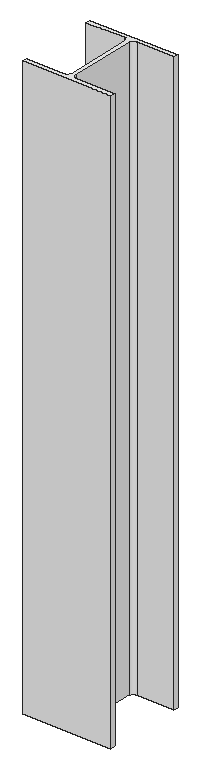
Revit family "M_HP-Pilar de arrimo-Coluna", category Pilares estruturais, Revit 2019
Family settings
  Forma do corte = Não definido
  Material para o comportamento do modelo = Aço
  Exportar sempre como geometria = Não
  Redução da viga na planta = Da caixa de vinculação
  Número OmniClass = 23.25.30.11.14.11
  Título OmniClass = Columns
  ID de item do Seek = HP-Bearing Pile-Column-0000-CAN-ENU
  Corte com vazios quando carregada = Não
  Representação simbólica = Das configurações de projeto
  Compartilhado = Não
  Exibir o pré-corte da família na vista da planta = Sim
Parameters (values of type "HP360X152")
  W = 1.49
  Structural Material [instance] = Aço, 45-345
  Assembly Code = ""
  bf = 376 mm
  d = 356 mm
  k = 35 mm
  kr = k - tf  # 17.1 mm
  tf = 17.9 mm
  tw = 17.9 mm
  A = 0.019 m²
Types (2, lengths in mm): name | W | bf | d | k | kr | tf | tw | A
  HP310X93 | 0.919 | 308 | 303 | 30 | 16.9 | 13.1 | 13.1 | 0.0119 m²
  HP360X152 | 1.49 | 376 | 356 | 35 | 17.1 | 17.9 | 17.9 | 0.019 m²
Reference planes
  plane 1: y = 0
  plane 2: z = 0
  plane 3: x = 0
  plane 4: x = -188
  plane 5: x = 188
  plane 6: y = 178
  plane 7: y = -178
  plane 8: x = -3.969
  plane 9: x = 3.969
Forms (mm)
  Extrusion 1, solid, material "Aço, 45-345" <- "Structural Material", detail levels medium
    sketch origin (0, 0, 0) x (1, 0, 0) y (0, 1, 0)
      loop
        line (-188, 178) -> (-188, 160.1) -> (-8.95, 160.1) -> (-8.95, -160.1) -> (-188, -160.1) -> (-188, -178) -> (188, -178) -> (188, -160.1) -> (8.95, -160.1) -> (8.95, 160.1) -> (188, 160.1) -> (188, 178) -> (-188, 178)
    from 0 to 2500
  Extrusion 2, solid, material "Aço, 45-345" <- "Structural Material", detail levels fine
    sketch origin (0, 0, 0) x (1, 0, 0) y (0, 1, 0)
      loop
        line (-188, 178) -> (-188, 160.1) -> (-26.05, 160.1)
        arc (-26.05, 160.1) -> (-13.958, 155.092) -> (-8.95, 143) r 17.1
        line (-8.95, 143) -> (-8.95, -143)
        arc (-8.95, -143) -> (-13.958, -155.092) -> (-26.05, -160.1) r 17.1
        line (-26.05, -160.1) -> (-188, -160.1) -> (-188, -178) -> (188, -178) -> (188, -160.1) -> (26.05, -160.1)
        arc (26.05, -160.1) -> (13.958, -155.092) -> (8.95, -143) r 17.1
        line (8.95, -143) -> (8.95, 143)
        arc (8.95, 143) -> (13.958, 155.092) -> (26.05, 160.1) r 17.1
        line (26.05, 160.1) -> (188, 160.1) -> (188, 178) -> (-188, 178)
    from 0 to 2500
Lines and regions (mm)
  symbolic lines, style "StructuralColumnStickSymbols", detail levels coarse
    curve 1: line (-188, 178, 0) -> (188, 178, 0)
    curve 2: line (-188, -178, 0) -> (188, -178, 0)
    curve 3: line (0, 178, 0) -> (0, -178, 0)
  symbolic lines, style "Faces ocultas", detail levels medium+fine
    curve 4: line (-3.969, 0, 0) -> (-3.969, 0, 2500)
    curve 5: line (3.969, 0, 2500) -> (3.969, 0, 0)
Dimensions and locks
  equal spacing: plane 4, plane 3, plane 5
  equal spacing: plane 7, plane 1, plane 6
  "d": plane 7 to plane 6
  "bf": plane 4 to plane 5
  "tf": plane 7 to Extrusion 1 sketch curve
  "tf": Extrusion 1 sketch curve to plane 6
  equal spacing: Extrusion 1 sketch curve, plane 3, Extrusion 1 sketch curve
  "tw": Extrusion 1 sketch curve to Extrusion 1 sketch curve
  "kr": radius of Extrusion 2 sketch curve  (x4)
  aligned and locked: plane 6 to Extrusion 1 sketch curve
  aligned and locked: Extrusion 1 sketch curve to plane 7
  aligned and locked: Extrusion 1 sketch curve to plane 4  (x2)
  aligned and locked: plane 5 to Extrusion 1 sketch curve  (x2)
  aligned and locked: Extrusion 1 sketch curve to Extrusion 1 sketch curve  (x2)
  aligned and locked: level to Extrusion 1
  aligned and locked: level to plane 2
  aligned and locked: Extrusion 1 to plane 2
  aligned and locked: plane 6 to Extrusion 2 sketch curve
  aligned and locked: plane 5 to Extrusion 2 sketch curve  (x2)
  aligned and locked: Extrusion 2 sketch curve to plane 4  (x2)
  aligned and locked: Extrusion 2 sketch curve to Extrusion 1  (x6)
  aligned and locked: Extrusion 2 sketch curve to plane 7
  aligned and locked: level to Extrusion 2
  aligned and locked: Extrusion 2 to level
Automatic sketch dimensions
  curve 2 to plane 4 = 0 mm
  curve 1 to plane 4 = 0 mm
  curve 3 to plane 3 = 0 mm
  curve 2 to plane 5 = 0 mm
  curve 1 to plane 5 = 0 mm
  curve 3 to plane 7 = 0 mm
  curve 3 to plane 6 = 0 mm
  curve 4 to level = 0 mm  (x2)
  curve 4 to plane 8 = 0 mm
  curve 5 to level = 0 mm  (x2)
  curve 5 to plane 9 = 0 mm
Types in the file's own list only (9): name | W | bf | d | k | kr | tf | tw | A
  HP360X174 | 1.71 | 378 mm | 361 mm | 38 mm | 18 mm | 20 mm | 20 mm | 0.02 m²
  HP360X132 | 1.3 | 373 mm | 351 mm | 33 mm | 17 mm | 16 mm | 16 mm | 0.02 m²
  HP360X108 | 1.07 | 370 mm | 346 mm | 30 mm | 17 mm | 13 mm | 13 mm | 0.01 m²
  HP310X125 | 1.23 | 312 mm | 312 mm | 35 mm | 18 mm | 17 mm | 17 mm | 0.02 m²
  HP310X110 | 1.08 | 310 mm | 308 mm | 33 mm | 18 mm | 15 mm | 15 mm | 0.01 m²
  HP310X79 | 0.773 | 306 mm | 299 mm | 28 mm | 17 mm | 11 mm | 11 mm | 0.01 m²
  HP250X85 | 0.832 | 260 mm | 254 mm | 32 mm | 18 mm | 14 mm | 14 mm | 0.01 m²
  HP250X62 | 0.613 | 256 mm | 246 mm | 28 mm | 18 mm | 11 mm | 11 mm | 0.01 m²
  HP200X53 | 0.525 | 207 mm | 204 mm | 29 mm | 18 mm | 11 mm | 11 mm | 0.01 m²
